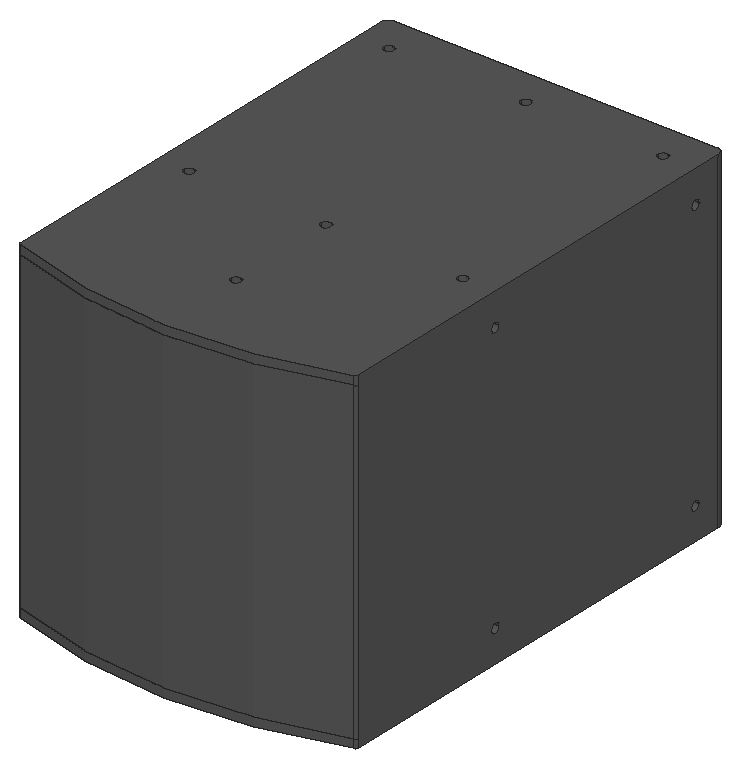
Revit family "1Electronics_Community_Biamp_Subwoofer_IS8-112WR", category Communication Devices, host Face, Revit 2020
Family settings
  Host = Face
  Maintain Annotation Orientation = No
  Round Connector Dimension = Use Diameter
  Part Type = Normal
  OmniClass Number = 23.85.10.11.14.14.14
  OmniClass Title = Loudspeakers
  Cut with Voids When Loaded = No
  Shared = No
  Room Calculation Point = No
Parameters (values of type "IS8-112WR B")
  Width = 14.50"  # constant formula
  Weight = 58.00 lbf  # constant formula
  URL = "https://www.biamp.com/"
  Transducers = "1 x 12 (305mm) double-treated cone with 4 (102mm) voice coil, demodulation ring, neodymium construction"  # constant formula
  Shipping Weight = 66.00 lbf  # constant formula
  Recommended Amplifiers = "Single Amp - 1000W - 2000W @ 8 ohms,  (89V - 126V)"  # constant formula
  Product data url = "https://bimobject.com/biamp/product/is8-112wr_community-subwoofer"
  Product Page URL = "https://www.biamp.com/products/product-families/community/community-subwoofers#is8-112wr"
  Product Documentation Link = "https://www.biamp.com/products/product-families/community/community-subwoofers#is8-112wr"
  Operating Range = "38 Hz to 148 Hz  "  # constant formula
  Operating Mode = "Single Amp"  # constant formula
  Operating Environment = "Weather-Resistant Outdoor "  # constant formula
  Nominal Sensitivity = "Half Space - 1W: 95 dB - 2.83V: 95 dB; Whole Space - 1W: 89 dB - 2.83V: 89 dB"  # constant formula
  Nominal Maximum SPL = "Half Space - Peak: 131 dB - Continuous: 125 dB; Whole Space - Peak: 125 dB - Continuous: 119 dB"  # constant formula
  Mounting Points = "(22) M10 threaded rigging points"  # constant formula
  Model = "IS8-112WR B"
  Manufacturer = "Biamp"  # constant formula
  Input Connection = "Screw terminal blocks (4-position)"  # constant formula
  Housing Material = Biamp - Plastic - Black
  Height = 14.30078"  # constant formula
  Grill Material = Biamp - Plastic - Black(Grid)
  Equalized Sensitivity = "Half Space - 1W: 94 dB - 2.83V: 94 dB; Whole Space - 1W: 88 dB - 2.83V: 88 dB"  # constant formula
  Equalized Maximum SPL = "Half Space - Peak: 130 dB - Continuous: 124 dB; Whole Space - Peak: 124 dB - Continuous: 118 dB"  # constant formula
  Environmental = "Outdoor: IP55W per IEC 60529 , MIL-STD-810G"  # constant formula
  Description = "IS8-112WR High Power Single 12-Inch Weather-Resistant Subwoofer"  # constant formula
  Depth = 21.00"  # constant formula
  Default Elevation = 48.00"
  Continuous Power Handling  Nominal Impedance = "Single Amp - 89V, 1000W @ 8 ohms (4000W peak)"  # constant formula
Types (4): name | Model | Housing Material | Grill Material
  (no name) | "IS8-112WR B" | Biamp - Plastic - Black | Biamp - Plastic - Black(Grid)
  IS8-112WR B | "IS8-112WR B" | Biamp - Plastic - Black | Biamp - Plastic - Black(Grid)
  IS8-112WR W | "IS8-112WR W" | Biamp - Plastic - White | Biamp - Plastic - White(Grid)
  IS8-112WR G | "IS8-112WR G" | Biamp - Plastic - Gray | Biamp - Plastic - Gray(Grid)
Reference planes (in)
  plane 1 "Center (Front/Back)": y = 0
  plane 2: z = 0
  plane 3 "Center (Left/Right)": x = 0
  plane 4: y = 10.5
  plane 5: y = -10.5
  plane 6: x = -7.25
  plane 7: x = 7.25
  plane 8: z = 14.30078
  plane 9: z = 7.15039
Forms (in)
  Extrusion 1, solid, material "Biamp - Plastic - Black" <- "Housing Material", detail levels medium+fine
    sketch origin (0, 0, 0) x (1, 0, 0) y (0, 1, 0)
      loop
        arc (-6.875, 10.5) -> (-7.14017, 10.39017) -> (-7.25, 10.125) r 0.375
        line (-7.25, 10.125) -> (-7.25, -9.1097)
        arc (-7.25, -9.1097) -> (-7.19938, -9.18968) -> (-7.11963, -9.24067) r 0.21806
        arc (-7.11963, -9.24067) -> (0, -10.5) -> (7.11963, -9.24067) r 20.75508
        arc (7.11963, -9.24067) -> (7.19938, -9.18968) -> (7.25, -9.1097) r 0.21806
        line (7.25, -9.1097) -> (7.25, 10.125)
        arc (7.25, 10.125) -> (7.14017, 10.39017) -> (6.875, 10.5) r 0.375
        line (6.875, 10.5) -> (-6.875, 10.5)
    from 0 to 14.30078
  Extrusion 2, void
    sketch origin (0, 0, 0) x (1, 0, 0) y (0, 1, 0)
      loop
        circle (-5.87, 8.9) r 0.21654
      loop
        circle (0, 8.9) r 0.21654
      loop
        circle (-5.87, -1.81) r 0.21654
      loop
        circle (0, -1.81) r 0.21654
      loop
        circle (0, -6.63) r 0.21654
      loop
        circle (5.87, 8.9) r 0.21654
      loop
        circle (5.87, -1.81) r 0.21654
    from 13.92578 to 14.30078
  Extrusion 3, void
    sketch origin (0, 0, -13.92578) x (0, -1, 0) y (1, 0, 0)
      loop
        circle (-8.9, -5.87) r 0.21654
      loop
        circle (-8.9, 0) r 0.21654
      loop
        circle (1.81, -5.87) r 0.21654
      loop
        circle (1.81, 0) r 0.21654
      loop
        circle (6.63, 0) r 0.21654
      loop
        circle (-8.9, 5.87) r 0.21654
      loop
        circle (1.81, 5.87) r 0.21654
    from 13.92578 to 14.30078
  Extrusion 4, void
    sketch origin (0, 0, 0) x (0, 1, 0) y (0, 0, 1)
      loop
        circle (8.9, 1.38039) r 0.21654
      loop
        circle (8.9, 12.92039) r 0.21654
      loop
        circle (-1.81, 1.38039) r 0.21654
      loop
        circle (-1.81, 12.92039) r 0.21654
    from 6.875 to 7.25
  Extrusion 5, void
    sketch origin (-0.09961, 0, 0) x (0, 1, 0) y (0, 0, -1)
      loop
        circle (8.9, -1.38039) r 0.21654
      loop
        circle (8.9, -12.92039) r 0.21654
      loop
        circle (-1.81, -1.38039) r 0.21654
      loop
        circle (-1.81, -12.92039) r 0.21654
    from 6.7754 to 7.15039
  Extrusion 6, void
    sketch origin (0, 0, 0) x (1, 0, 0) y (0, 0, 1)
      loop
        circle (0, 12.92078) r 0.21654
      loop
        circle (0, 1.38) r 0.21654
      loop
        line (2.005, 10.68039) -> (-2.005, 10.68039)
        arc (-2.005, 10.68039) -> (-2.09339, 10.64378) -> (-2.13, 10.55539) r 0.125
        line (-2.13, 10.55539) -> (-2.13, 3.74539)
        arc (-2.13, 3.74539) -> (-2.09339, 3.657) -> (-2.005, 3.62039) r 0.125
        line (-2.005, 3.62039) -> (2.005, 3.62039)
        arc (2.005, 3.62039) -> (2.09339, 3.657) -> (2.13, 3.74539) r 0.125
        line (2.13, 3.74539) -> (2.13, 10.55539)
        arc (2.13, 10.55539) -> (2.09339, 10.64378) -> (2.005, 10.68039) r 0.125
    from -10.5 to -10.125
  Extrusion 7, void
    sketch origin (0, 0, 0) x (0, 1, 0) y (0, 0, 1)
      loop
        line (-9.1097, 13.92578) -> (-10.5, 13.92578) -> (-10.5, 0.375) -> (-9.1097, 0.375) -> (-9.1097, 13.92578)
    from -7.25 to 7.26945
  Extrusion 8, solid, material "Biamp - Plastic - Black(Grid)" <- "Grill Material", detail levels medium+fine
    sketch origin (0, 0, 0) x (1, 0, 0) y (0, 1, 0)
      loop
        line (7.25, -9.1097) -> (-7.25, -9.1097)
        arc (-7.25, -9.1097) -> (-7.19938, -9.18968) -> (-7.11963, -9.24067) r 0.21806
        arc (-7.11963, -9.24067) -> (0, -10.5) -> (7.11963, -9.24067) r 20.75508
        arc (7.11963, -9.24067) -> (7.19938, -9.18968) -> (7.25, -9.1097) r 0.21806
    from 0.375 to 13.92578
  Extrusion 9, solid, material "Biamp - Plastic - Black" <- "Housing Material", detail levels medium+fine
    sketch origin (0, 0, 0) x (1, 0, 0) y (0, 0, 1)
      loop
        line (-0.5, 9.68039) -> (-0.5, 9.43039) -> (0.5, 9.43039) -> (0.5, 9.68039) -> (-0.5, 9.68039)
      loop
        line (-0.5, 8.68039) -> (-0.5, 8.43039) -> (0.5, 8.43039) -> (0.5, 8.68039) -> (-0.5, 8.68039)
    from -10.3125 to -10.125
  Extrusion 10, solid, material "Biamp - Plastic - Black" <- "Housing Material", detail levels coarse
    sketch origin (0, 0, 0) x (1, 0, 0) y (0, 1, 0)
      loop
        arc (-6.875, 10.5) -> (-7.14017, 10.39017) -> (-7.25, 10.125) r 0.375
        line (-7.25, 10.125) -> (-7.25, -9.1097)
        arc (-7.25, -9.1097) -> (-7.19938, -9.18968) -> (-7.11963, -9.24067) r 0.21806
        arc (-7.11963, -9.24067) -> (0, -10.5) -> (7.11963, -9.24067) r 20.75508
        arc (7.11963, -9.24067) -> (7.19938, -9.18968) -> (7.25, -9.1097) r 0.21806
        line (7.25, -9.1097) -> (7.25, 10.125)
        arc (7.25, 10.125) -> (7.14017, 10.39017) -> (6.875, 10.5) r 0.375
        line (6.875, 10.5) -> (-6.875, 10.5)
    from 0 to 14.30078
Cuts and joins
  Extrusion 2, Extrusion 3, Extrusion 4, Extrusion 5, Extrusion 6, Extrusion 7 cuts Extrusion 1
Lines and regions (in)
  Masking region 1
    outline origin (0, 0, 0) x (1, 0, 0) y (0, 0, 1)
      loop
        line (-7.25, 14.30078) -> (-7.25, 0) -> (7.25, 0) -> (7.25, 14.30078) -> (-7.25, 14.30078)
  Masking region 2
    outline origin (0, 0, 0) x (0, 1, 0) y (0, 0, 1)
      loop
        line (10.5, 14.30078) -> (-10.5, 14.30078) -> (-10.5, 0) -> (10.5, 0) -> (10.5, 14.30078)
  Masking region 3
    outline origin (0, 0, 0) x (1, 0, 0) y (0, 1, 0)
      loop
        arc (-7.11963, -9.24067) -> (0, -10.5) -> (7.11963, -9.24067) r 20.75508
        arc (7.11963, -9.24067) -> (7.19938, -9.18968) -> (7.25, -9.1097) r 0.21806
        line (7.25, -9.1097) -> (7.25, 10.125)
        arc (7.25, 10.125) -> (7.14017, 10.39017) -> (6.875, 10.5) r 0.375
        line (6.875, 10.5) -> (-6.875, 10.5)
        arc (-6.875, 10.5) -> (-7.14017, 10.39017) -> (-7.25, 10.125) r 0.375
        line (-7.25, 10.125) -> (-7.25, -9.1097)
        arc (-7.25, -9.1097) -> (-7.19938, -9.18968) -> (-7.11963, -9.24067) r 0.21806
  symbolic lines
    curve 1: line (-7.25, 0, 14.30078) -> (7.25, 0, 14.30078)
    curve 2: line (-7.25, 0, 0) -> (-7.25, 0, 14.30078)
    curve 3: line (7.25, 0, 0) -> (-7.25, 0, 0)
    curve 4: line (7.25, 0, 14.30078) -> (7.25, 0, 0)
    curve 5: line (-7.25, 0, 13.92578) -> (7.25, 0, 13.92578)
    curve 6: line (-7.25, 0, 0.375) -> (7.25, 0, 0.375)
    curve 7: arc (-6.875, 10.5, 0) -> (-7.14017, 10.39017, 0) -> (-7.25, 10.125, 0) r 0.375
    curve 8: line (-7.25, 10.125, 0) -> (-7.25, -9.1097, 0)
    curve 9: line (7.25, -9.14366, 0) -> (7.25, 10.125, 0)
    curve 10: arc (7.25, 10.125, 0) -> (7.14017, 10.39017, 0) -> (6.875, 10.5, 0) r 0.375
    curve 11: line (6.875, 10.5, 0) -> (-6.875, 10.5, 0)
    curve 12: arc (-5.65346, 8.9, 0) -> (-5.87, 8.68346, 0) -> (-6.08654, 8.9, 0) r 0.21654
    curve 13: arc (-6.08654, 8.9, 0) -> (-5.87, 9.11654, 0) -> (-5.65346, 8.9, 0) r 0.21654
    curve 14: arc (0.21654, 8.9, 0) -> (0, 8.68346, 0) -> (-0.21654, 8.9, 0) r 0.21654
    curve 15: arc (-0.21654, 8.9, 0) -> (0, 9.11654, 0) -> (0.21654, 8.9, 0) r 0.21654
    curve 16: arc (-5.65346, -1.81, 0) -> (-5.87, -2.02654, 0) -> (-6.08654, -1.81, 0) r 0.21654
    curve 17: arc (-6.08654, -1.81, 0) -> (-5.87, -1.59346, 0) -> (-5.65346, -1.81, 0) r 0.21654
    curve 18: arc (0.21654, -1.81, 0) -> (0, -2.02654, 0) -> (-0.21654, -1.81, 0) r 0.21654
    curve 19: arc (-0.21654, -1.81, 0) -> (0, -1.59346, 0) -> (0.21654, -1.81, 0) r 0.21654
    curve 20: arc (0.21654, -6.63, 0) -> (0, -6.84654, 0) -> (-0.21654, -6.63, 0) r 0.21654
    curve 21: arc (-0.21654, -6.63, 0) -> (0, -6.41346, 0) -> (0.21654, -6.63, 0) r 0.21654
    curve 22: line (0, 10.5, 14.30078) -> (0, -10.5, 14.30078)
    curve 23: line (0, 10.5, 0) -> (0, 10.5, 14.30078)
    curve 24: line (0, -10.5, 0) -> (0, 10.5, 0)
    curve 25: line (0, -10.5, 14.30078) -> (0, -10.5, 0)
    curve 26: arc (0, -1.59346, 12.92039) -> (0, -1.81, 12.70386) -> (0, -2.02654, 12.92039) r 0.21654
    curve 27: arc (0, -2.02654, 12.92039) -> (0, -1.81, 13.13693) -> (0, -1.59346, 12.92039) r 0.21654
    curve 28: arc (0, 9.11654, 12.92039) -> (0, 8.9, 12.70386) -> (0, 8.68346, 12.92039) r 0.21654
    curve 29: arc (0, 8.68346, 12.92039) -> (0, 8.9, 13.13693) -> (0, 9.11654, 12.92039) r 0.21654
    curve 30: arc (0, -1.59346, 1.38039) -> (0, -1.81, 1.16386) -> (0, -2.02654, 1.38039) r 0.21654
    curve 31: arc (0, -2.02654, 1.38039) -> (0, -1.81, 1.59693) -> (0, -1.59346, 1.38039) r 0.21654
    curve 32: arc (0, 9.11654, 1.38039) -> (0, 8.9, 1.16386) -> (0, 8.68346, 1.38039) r 0.21654
    curve 33: arc (0, 8.68346, 1.38039) -> (0, 8.9, 1.59693) -> (0, 9.11654, 1.38039) r 0.21654
    curve 34: line (0, -9.14366, 14.30078) -> (0, -9.14366, 0)
    curve 35: line (0, -9.14366, 0.375) -> (0, -10.5, 0.375)
    curve 36: line (0, -9.14366, 13.92578) -> (0, -10.5, 13.92578)
    curve 37: arc (5.65346, 8.9, 0) -> (5.87, 8.68346, 0) -> (6.08654, 8.9, 0) r 0.21654
    curve 38: arc (6.08654, 8.9, 0) -> (5.87, 9.11654, 0) -> (5.65346, 8.9, 0) r 0.21654
    curve 39: arc (5.65346, -1.81, 0) -> (5.87, -2.02654, 0) -> (6.08654, -1.81, 0) r 0.21654
    curve 40: arc (6.08654, -1.81, 0) -> (5.87, -1.59346, 0) -> (5.65346, -1.81, 0) r 0.21654
Dimensions and locks (in)
  equal spacing: plane 5, plane 1 "Center (Front/Back)", plane 4
  "Depth": plane 4 to plane 5
  equal spacing: plane 6, plane 3 "Center (Left/Right)", plane 7
  "Width": plane 6 to plane 7
  "Height": plane 8 to plane 2
  equal spacing: plane 8, plane 9, plane 2
  aligned and locked: plane 2 to host face
  aligned and locked: level to host face
  aligned and locked: plane 8 to Extrusion 1
  aligned and locked: plane 8 to Extrusion 2
  aligned and locked: plane 7 to Extrusion 4
  aligned and locked: Extrusion 6 to plane 4
  aligned and locked: Extrusion 8 to cut or joined group of Extrusion 1, Extrusion 2, Extrusion 3, Extrusion 4, Extrusion 5, Extrusion 6, Extrusion 7  (x2)
  aligned and locked: cut or joined group of Extrusion 1, Extrusion 2, Extrusion 3, Extrusion 4, Extrusion 5, Extrusion 6, Extrusion 7 to Extrusion 9
  aligned and locked: plane 8 to Extrusion 10
  aligned and locked: Extrusion 10 to plane 2
  aligned and locked: Extrusion 7 to plane 6
Automatic sketch dimensions
  host sketch curve to host sketch curve = 96.00"  (x2)
  Extrusion 9 sketch curve to plane 3 "Center (Left/Right)" = 0.50"  (x2)
  plane 3 "Center (Left/Right)" to Extrusion 9 sketch curve = 0.50"  (x2)
  plane 9 to Extrusion 9 sketch curve = 1.28"
  Extrusion 9 sketch curve to Extrusion 9 sketch curve = 0.25"  (x2)
  Extrusion 9 sketch curve to Extrusion 9 sketch curve = 0.75"
  curve 12 to curve 13 = 0.00"  (x2)
  curve 14 to curve 15 = 0.00"  (x2)
  curve 16 to curve 17 = 0.00"  (x2)
  curve 18 to curve 19 = 0.00"  (x2)
  curve 20 to curve 21 = 0.00"  (x2)
  curve 37 to curve 38 = 0.00"  (x2)
  curve 39 to curve 40 = 0.00"  (x2)
  curve 8 to plane 6 = 0.00"
  plane 4 to curve 7 = 0.00"
  curve 21 to plane 3 "Center (Left/Right)" = 0.00"
  curve 19 to plane 3 "Center (Left/Right)" = 0.00"
  curve 15 to plane 3 "Center (Left/Right)" = 0.00"
  curve 9 to plane 7 = 0.00"
  plane 6 to curve 11 = 0.375"
  plane 6 to curve 17 = 1.38"
  plane 6 to curve 12 = 1.38"
  curve 40 to plane 7 = 1.38"
  curve 37 to plane 7 = 1.38"
  curve 10 to curve 9 = 0.375"
  curve 37 to curve 10 = 1.225"
  curve 12 to curve 7 = 1.225"
  plane 4 to curve 14 = 1.60"
  plane 1 "Center (Front/Back)" to curve 16 = 1.81"
  plane 1 "Center (Front/Back)" to curve 18 = 1.81"
  plane 1 "Center (Front/Back)" to curve 39 = 1.81"
  plane 5 to curve 20 = 3.87"
  curve 17 to curve 16 = 0.21654"
  curve 13 to curve 12 = 0.21654"
  curve 20 to curve 20 = 0.21654"
  curve 14 to curve 14 = 0.21654"
  curve 18 to curve 18 = 0.21654"
  curve 39 to curve 39 = 0.21654"
  curve 38 to curve 37 = 0.21654"
  plane 5 to curve 8 = 1.3903"
  plane 5 to curve 9 = 1.35634"
  curve 26 to curve 27 = 0.00"  (x2)
  curve 28 to curve 29 = 0.00"  (x2)
  curve 30 to curve 31 = 0.00"  (x2)
  curve 32 to curve 33 = 0.00"  (x2)
  curve 22 to plane 5 = 0.00"
  curve 34 to plane 8 = 0.00"
  curve 34 to level = 0.00"
  curve 23 to plane 4 = 0.00"
  plane 1 "Center (Front/Back)" to curve 26 = 1.81"
  plane 1 "Center (Front/Back)" to curve 30 = 1.81"
  plane 4 to curve 33 = 1.60"
  plane 4 to curve 28 = 1.60"
  level to curve 32 = 1.38039"
  level to curve 31 = 1.38039"
  curve 29 to plane 8 = 1.38039"
  curve 27 to plane 8 = 1.38039"
  level to curve 35 = 0.375"
  plane 5 to curve 35 = 1.35634"
  curve 26 to curve 26 = 0.21654"
  curve 31 to curve 30 = 0.21654"
  curve 29 to curve 28 = 0.21654"
  curve 32 to curve 32 = 0.21654"
  curve 36 to plane 8 = 0.375"
  curve 1 to plane 6 = 0.00"
  curve 4 to level = 0.00"
  curve 4 to plane 7 = 0.00"
  curve 1 to plane 8 = 0.00"
  level to curve 6 = 0.375"
  curve 5 to curve 1 = 0.375"
  Extrusion 1 sketch curve to plane 6 = 0.00"
  plane 4 to Extrusion 1 sketch curve = 0.00"
  Extrusion 1 sketch curve to plane 3 "Center (Left/Right)" = 0.00"
  Extrusion 1 sketch curve to plane 7 = 0.00"
  plane 6 to Extrusion 1 sketch curve = 0.20517"
  Extrusion 1 sketch curve to Extrusion 1 sketch curve = 0.375"
  Extrusion 1 sketch curve to plane 7 = 0.375"
  Extrusion 1 sketch curve to plane 7 = 0.20517"
  plane 5 to Extrusion 1 sketch curve = 1.46416"  (x2)
  Extrusion 1 sketch curve to Extrusion 1 sketch curve = 0.07387"  (x2)
  plane 4 to Extrusion 1 sketch curve = 0.24492"
  Extrusion 1 sketch curve to Extrusion 1 sketch curve = 0.00"
  Extrusion 2 sketch curve to plane 3 "Center (Left/Right)" = 0.00"  (x3)
  plane 6 to Extrusion 2 sketch curve = 1.38"  (x2)
  Extrusion 2 sketch curve to plane 7 = 1.38"  (x2)
  plane 5 to Extrusion 2 sketch curve = 3.87"
  plane 1 "Center (Front/Back)" to Extrusion 2 sketch curve = 1.81"  (x3)
  plane 4 to Extrusion 2 sketch curve = 1.60"  (x3)
  Extrusion 3 sketch curve to plane 3 "Center (Left/Right)" = 0.00"  (x3)
  plane 4 to Extrusion 3 sketch curve = 1.60"  (x3)
  plane 1 "Center (Front/Back)" to Extrusion 3 sketch curve = 1.81"  (x3)
  plane 5 to Extrusion 3 sketch curve = 3.87"
  plane 6 to Extrusion 3 sketch curve = 1.38"  (x2)
  Extrusion 3 sketch curve to plane 7 = 1.38"  (x2)
  plane 1 "Center (Front/Back)" to Extrusion 4 sketch curve = 1.81"  (x2)
  plane 4 to Extrusion 4 sketch curve = 1.60"  (x2)
  level to Extrusion 4 sketch curve = 1.38039"  (x2)
  Extrusion 4 sketch curve to plane 8 = 1.38039"  (x2)
  plane 1 "Center (Front/Back)" to Extrusion 5 sketch curve = 1.81"  (x2)
  plane 4 to Extrusion 5 sketch curve = 1.60"  (x2)
  Extrusion 5 sketch curve to plane 8 = 1.38039"  (x2)
  level to Extrusion 5 sketch curve = 1.38039"  (x2)
  Extrusion 6 sketch curve to plane 3 "Center (Left/Right)" = 0.00"  (x2)
  Extrusion 6 sketch curve to plane 3 "Center (Left/Right)" = 2.005"  (x2)
  Extrusion 6 sketch curve to Extrusion 6 sketch curve = 0.125"  (x2)
  plane 3 "Center (Left/Right)" to Extrusion 6 sketch curve = 2.005"  (x2)
  level to Extrusion 6 sketch curve = 1.38"
  Extrusion 6 sketch curve to Extrusion 6 sketch curve = 2.24039"
  plane 9 to Extrusion 6 sketch curve = 3.405"
  Extrusion 6 sketch curve to plane 8 = 1.38"
  Extrusion 7 sketch curve to plane 5 = 0.00"
  level to Extrusion 7 sketch curve = 0.375"
  plane 5 to Extrusion 7 sketch curve = 1.3903"
  Extrusion 7 sketch curve to plane 8 = 0.375"
  Extrusion 8 sketch curve to plane 6 = 0.00"
  Extrusion 8 sketch curve to plane 3 "Center (Left/Right)" = 0.00"
  Extrusion 8 sketch curve to plane 7 = 0.00"
  plane 6 to Extrusion 8 sketch curve = 0.20517"
  Extrusion 8 sketch curve to plane 7 = 0.20517"
  plane 5 to Extrusion 8 sketch curve = 1.3903"
  Extrusion 8 sketch curve to Extrusion 8 sketch curve = 0.07387"  (x2)
  plane 4 to Extrusion 8 sketch curve = 0.24492"
  Extrusion 8 sketch curve to Extrusion 8 sketch curve = 0.00"
  Extrusion 10 sketch curve to plane 6 = 0.00"
  plane 4 to Extrusion 10 sketch curve = 0.00"
  Extrusion 10 sketch curve to plane 3 "Center (Left/Right)" = 0.00"
  Extrusion 10 sketch curve to plane 7 = 0.00"
  plane 6 to Extrusion 10 sketch curve = 0.20517"
  plane 6 to Extrusion 10 sketch curve = 0.375"
  Extrusion 10 sketch curve to Extrusion 10 sketch curve = 0.375"
  Extrusion 10 sketch curve to plane 7 = 0.20517"
  plane 5 to Extrusion 10 sketch curve = 1.46416"  (x2)
  Extrusion 10 sketch curve to Extrusion 10 sketch curve = 0.07387"  (x2)
  plane 4 to Extrusion 10 sketch curve = 0.24492"
  Extrusion 10 sketch curve to Extrusion 10 sketch curve = 0.00"
  Masking region 1 sketch curve to level = 0.00"
  Masking region 1 sketch curve to plane 6 = 0.00"
  Masking region 1 sketch curve to plane 7 = 0.00"
  Masking region 1 sketch curve to plane 8 = 0.00"
  Masking region 2 sketch curve to plane 5 = 0.00"
  Masking region 2 sketch curve to level = 0.00"
  Masking region 2 sketch curve to plane 4 = 0.00"
  Masking region 2 sketch curve to plane 8 = 0.00"
  Masking region 3 sketch curve to plane 6 = 0.00"
  plane 4 to Masking region 3 sketch curve = 0.00"
  Masking region 3 sketch curve to plane 3 "Center (Left/Right)" = 0.00"
  Masking region 3 sketch curve to plane 7 = 0.00"
  plane 6 to Masking region 3 sketch curve = 0.20517"
  Masking region 3 sketch curve to Masking region 3 sketch curve = 0.375"
  Masking region 3 sketch curve to plane 7 = 0.375"
  Masking region 3 sketch curve to plane 7 = 0.20517"
  plane 5 to Masking region 3 sketch curve = 1.46416"  (x2)
  Masking region 3 sketch curve to Masking region 3 sketch curve = 0.07387"  (x2)
  plane 4 to Masking region 3 sketch curve = 0.24492"
  Masking region 3 sketch curve to Masking region 3 sketch curve = 0.00"
  radius of Extrusion 2 sketch curve = 0.21654"  (x7)
  radius of Extrusion 3 sketch curve = 0.21654"  (x7)
  radius of Extrusion 4 sketch curve = 0.21654"  (x4)
  radius of Extrusion 5 sketch curve = 0.21654"  (x4)
  radius of Extrusion 6 sketch curve = 0.21654"  (x2)
Connectors (in)
  electrical at (0.25, 10.3125, 9.55539)
    settings: on Extrusion 9, index 1, voltage 0 V, apparent load 0 VA, apparent load phase1 0 VA, apparent load phase2 0 VA, apparent load phase3 0 VA, power factor 1, load classification "Other", number of poles 1, system type 5, power factor state 1, is connector primary yes, connector utility no, sub classification motor no, connector description "Screw terminal blocks; LF Input"
  electrical at (0.25, 10.3125, 8.55539)
    settings: on Extrusion 9, index 2, voltage 0 V, apparent load 0 VA, apparent load phase1 0 VA, apparent load phase2 0 VA, apparent load phase3 0 VA, power factor 1, load classification "Other", number of poles 1, system type 5, power factor state 1, is connector primary no, connector utility no, sub classification motor no, connector description "Screw terminal blocks; LOOP Input"
  electrical at (-0.25, 10.3125, 9.55539)
    settings: on Extrusion 9, index 3, voltage 0 V, apparent load 0 VA, apparent load phase1 0 VA, apparent load phase2 0 VA, apparent load phase3 0 VA, power factor 1, load classification "Other", number of poles 1, system type 5, power factor state 1, is connector primary no, connector utility no, sub classification motor no, connector description "Screw terminal blocks; LF thru"
  electrical at (-0.25, 10.3125, 8.55539)
    settings: on Extrusion 9, index 4, voltage 0 V, apparent load 0 VA, apparent load phase1 0 VA, apparent load phase2 0 VA, apparent load phase3 0 VA, power factor 1, load classification "Other", number of poles 1, system type 5, power factor state 1, is connector primary no, connector utility no, sub classification motor no, connector description "Screw terminal blocks; LOOP thru"
